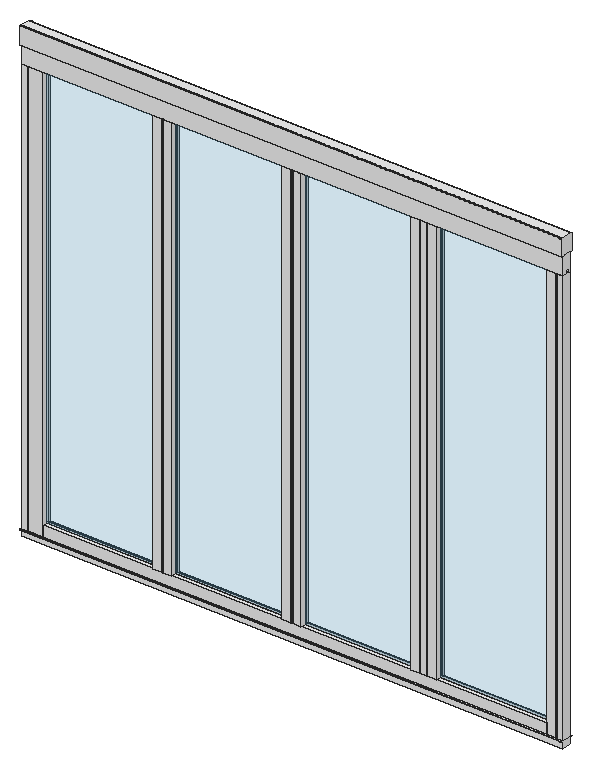
Revit family "98126", category Windows, host Wall, Revit 2018
Family settings
  Host = Wall
  OmniClass Number = 23.30.20.00
  OmniClass Title = Windows
  Always vertical = Yes
  Cut with Voids When Loaded = No
  Shared = No
  Room Calculation Point = No
Parameters (values of type "Standard")
  Y N Override Stack [instance] = no
  Y N Override Number of Panels [instance] = no
  Warranty URL = "http://www.nanawall.com/support/warranty"
  URL = "http://www.nanawall.com/"
  U Value = 0.26
  Thickness = 0' - 2 21/64"
  Subcategory = "Folding Window"  # constant formula
  Stack Thickness [instance] = 0' 2 21/64" * Panels  # 0' - 9 5/16"
  Split Stack Right [instance] = 4
  Split Stack [instance] = no
  Size Comment [instance] = if(or(Y N Override Stack, Y N Override Number of Panels), "CONTACT NANAWALL FOR SPECIAL SIZING", " ")  # " "
  Size Chart [instance] = "http://www.nanawall.com/products/hsw60/sizes"
  Single Right Stack [instance] = if(and(Y N Override Stack, Left Stack), 1 = 0, if(Right Standard = 1, 1 = 1, if(and(C Split Stack, Split Stack Right = 1), 1 = 1, 1 = 0)))  # no
  Single Panel [instance] = if(and(Closed, system length 1 < 11' 0 7/8"), 1 = 1, if(system length 1 > 11' 0 7/8", 1 = 0, 1 = 0))  # no
  Single Left Stack [instance] = if(and(not(Y N Override Stack), (Left Standard = 1)), 1 = 1, if(and(Y N Override Stack, Left Stack, (Panels = 1)), 1 = 1, (if(and(C Split Stack, Split Stack Right = Panels - 1), 1 = 1, 1 = 0))))  # no
  Sills Available = "Raised, Low Profile Saddle, Flush"  # constant formula
  Sill Width = system length 1 - (0' 4.31543" + 0' 5.56543")  # 11' - 2.11913"
  Sash = Metal - NanaWall - Aluminum
  Rough Width = system length 1 - (2 * (0' 1 141/256"))  # 11' - 8 115/128"
  Rough Height = Height - 0' 2 183/256"  # 9' - 9 73/256"
  Right Standard [instance] = roundup(Panels / 2)  # 2
  Right Stack Width [instance] = RS C * Thickness  # 0' - 4 21/32"
  Right Stack [instance] = yes
  RS C [instance] = if(RS = 1, 2, if(RS = 0, 2, if(C Split Stack, Split Stack Right, RS)))  # 2
  RS [instance] = if(Not Override Stack, Right Standard, if(C Right Stack, Panels, if(C Left Stack, 2, if(C Split Stack, Split Stack Right, 2))))  # 2
  Product Page URL = "http://www.nanawall.com/products/hsw60"
  Performance URL = "http://www.nanawall.com/products/hsw60/testingresult"
  Panels [instance] = if(Y N Override Number of Panels, Override Number of Panels, Panel Constraint)  # 4
  Panel Width [instance] = (system length 1 - (0' 4 127/128" + 0' 3 95/128" + 0' 5 149/256" + (Middle Jamb Panels))) / Panels  # 2' - 6.45215"
  Panel Height = Height - (0' 2 183/256" + 0' 6 161/256")  # 9' - 2 21/32"
  Panel Constraint [instance] = if(system length 1 < 12' 0", 3, if(system length 1 < 16' 0", 4, if(system length 1 < 20' 0", 5, if(system length 1 < 24' 0", 6, if(system length 1 < 28' 0", 7, if(system length 1 < 32' 0", 8, if(system length 1 < 34' 0", 10, if(system length 1 < 38' 0", 11, if(system length 1 < 42' 0", 12, if(system length 1 < 46' 0", 13, if(system length 1 < 50' 0", 14, if(system length 1 < 54' 0", 15, if(system length 1 < 58' 0", 16, if(system length 1 < 62' 0", 17, if(system length 1 < 66' 0", 18, if(system length 1 < 70' 0", 19, if(system length 1 < 70' 0", 20, 21)))))))))))))))))  # 4
  Override Number of Panels [instance] = 4
  Opening Width = system length 1 - (0' 3 95/128" + 0' 4 127/128")  # 11' - 3 17/64"
  Open Right Single [instance] = if(and(Open, Single Right Stack), 1 = 1, 1 = 0)  # no
  Open Right Multi [instance] = if(and(Open, Multiple Right Stack), 1 = 1, 1 = 0)  # no
  Open Panel Width [instance] = Panel Width + 0' 3 135/256"  # 2' - 9.97949"
  Open Left Single [instance] = if(and(Open, Single Left Stack), 1 = 1, 1 = 0)  # no
  Open Left Multi [instance] = if(and(Open, Multiple Left Stack), 1 = 1, 1 = 0)  # no
  Open [instance] = no
  Not Override Stack [instance] = not(Y N Override Stack)  # yes
  Multiple Right Stack [instance] = if(system length 1 < 3' 3 1/16", 1 = 0, if(and(Right Standard < 1.5, Not Override Stack), 1 = 0, if(and(Right Standard > 1, Not Override Stack), 1 = 1, (if(and(C Split Stack, Split Stack Right > 1), 1 = 1, if(C Right Stack, 1 = 1, 1 = 0))))))  # yes
  Multiple Panel [instance] = if(and(Open, system length 1 > 11' 0 7/8"), 1 = 0, if(and(Closed, system length 1 > 11' 0 7/8"), 1 = 1, if(system length 1 < 11' 0 7/8", 1 = 0, 1 = 1)))  # yes
  Multiple Left Stack [instance] = if(and(Left Standard > 1, Not Override Stack), 1 = 1, (if(and(C Split Stack, Split Stack Right < Panels - 1), 1 = 1, if(C Left Stack, 1 = 1, 1 = 0))))  # yes
  Max Panel Height = if(Panel Height > 12' 0", 12' 0", Panel Height)  # 9' - 2 21/32"
  Left Standard [instance] = rounddown(Panels / 2)  # 2
  Left Stack Width [instance] = LS C * Thickness  # 0' - 4 21/32"
  Left Stack [instance] = no
  LS C [instance] = if(LS = 1, 2, if(LS = 0, 2, if(C Split Stack, Panels - Split Stack Right, LS)))  # 2
  LS [instance] = if(Not Override Stack, Left Standard, if(C Left Stack, Panels, if(C Right Stack, 2, if(C Split Stack, Panels - Split Stack Right, 2))))  # 2
  Jamb Height = Height Constraint - 0' 9 17/64"  # 9' - 2 47/64"
  Height Constraint = if(Height < 3' 3", 3' 3", if(Height > 12' 0", 12' 0", Height))  # 10' - 0"
  Half Panel Width [instance] = Panel Width / 2  # 1' - 3.22607"
  Filler = Rubber - NanaWall - Black
  Closed [instance] = not(Open)  # yes
  Clearance On [instance] = yes
  C Split Stack [instance] = if(and(Y N Override Stack, Split Stack), 1 = 1, if(Right Stack, 1 = 0, if(Left Stack, 1 = 0, 1 = 0)))  # no
  C Right Stack [instance] = if(and(Y N Override Stack, Right Stack), 1 = 1, if(Left Stack, 1 = 0, if(Split Stack, 1 = 0, 1 = 1)))  # yes
  C Left Stack [instance] = if(and(Y N Override Stack, Left Stack), 1 = 1, if(Right Stack, 1 = 0, if(Split Stack, 1 = 0, 1 = 0)))  # no
  Actual Number Of panels [instance] = Panels - 2  # 2
  Middle Panel Height [instance] = Height Constraint - (0' 2 183/256" + 0' 6 161/256" + 0' 2 91/128")  # 8' - 11 121/128"
  Middle Jamb Panels [instance] = 0' 3 15/16" * Number Of Frames  # 0' - 7 7/8"
  NanaWall Configurator = "http://www.nanawall.com/products/hsw60/options"
  Model = "HSW-60"  # constant formula
  Manufacturer Toll Free Phone = "(888) 411-NANA(6262)"  # constant formula
  Manufacturer Phone = "(415) 383-3148"  # constant formula
  Manufacturer Fax = "(415) 383-0312"  # constant formula
  Manufacturer Email = "mailto:info@nanawall.com"
  Manufacturer Address = "100 Meadowcreek Drive #250, Corte Madera, CA 94925"  # constant formula
  Manufacturer = "NanaWall Systems, Inc."  # constant formula
  Installation and Service URL = "http://www.nanawall.com/support/installer"
  Height = 10' - 0"
  Wall Closure = By host
  system length 1 = 12' - 0"
  Glazing Options = "http://www.nanawall.com/products/hsw60/glazing"
  Glass Material = Glass - NanaWall - Generic
  Exterior Wall Offset = 0' - 3"
  Engineering Details URL = "http://www.nanawall.com/products/hsw60/cad-3d"
  Disclaimer = "Please note that the Revit model is for schematic purposes only.  To obtain a detailed 3D model, please go to the NanaWall's configurator at www.nanawall.com."  # constant formula
  Description = "Thermally Broken Aluminum Framed Sign Track Sliding System"  # constant formula
  Cost Info = "http://www.nanawall.com/products/hsw60/pricing"
  Assembly Code = "B2050.1070"
  Act Panels Constraints [instance] = if(Actual Number Of panels = 1, 2, if(Actual Number Of panels = 0, 2, Actual Number Of panels))  # 2
  95 CSI = "8411"  # constant formula
  04 CSI = "08 41 13"  # constant formula
  Number Of Frames [instance] = Panels - 2  # 2
Values of the unnamed type that differ from the named types
  Wall Closure = (empty or 0)
Reference planes (in)
  plane 1 "Center (Front/Back)": y = 0
  plane 2 "Center (Left/Right)": x = 0
  plane 3 "Left": x = -72
  plane 4 "Right": x = 72
  plane 5 "Top": z = 120
  plane 6: z = 117.28568
  plane 7 "Top Edge Of Sill": z = 0.46717
  plane 8: z = 60
  plane 9: x = 67.34375
  plane 10: x = 35.01383
  plane 11: y = 0.9375
  plane 12: y = 1.76864
  plane 13: x = 68.25714
  plane 14: x = 32.22266
  plane 15: y = -0.22688
  plane 16: x = 37.80499
  plane 17: x = -67.00668
  plane 18: x = -36.55453
  plane 19: x = 1.77051
  plane 20: x = -32.61878
  plane 21: z = 108.73488
  plane 22: z = 113.07333
  plane 23: z = 109.32669
  plane 24: z = 0.07786
  plane 25: z = 2.78746
  plane 26: z = 110.73411
  plane 27: x = -68.76925
  plane 28: x = -67.34375
  plane 29: z = 115.599
Lines and regions (in)
  Opening 1
    outline origin (-90, -3.9375, 0) x (1, 0, 0) y (0, 0, 1)
      loop
        line (18, 0) -> (162, 0) -> (162, 120) -> (18, 120) -> (18, 0)
  symbolic lines
    curve 1: line (-34.79052, 0, 110.73277) -> (-66.41889, 0, 55.40599)
    curve 2: line (-66.41889, 0, 55.40599) -> (-34.79052, 0, 2.78746)
    curve 6: line (-72, 2.59207, 0) -> (72, 2.59207, 0)
    curve 7: line (-72, -0.22688, 0) -> (72, -0.22688, 0)
    curve 8: line (-67.00668, 2.59207, 0) -> (-67.00668, -0.22688, 0)
    curve 9: line (67.34375, -0.21664, 0) -> (67.34375, 2.59207, 0)
  symbolic lines, visible <- "Clearance On"
    curve 3: line (-72, -34.20637, 0) -> (-72, -0.22688, 0)
    curve 4: line (72, -34.20637, 0) -> (-72, -34.20637, 0)
    curve 5: line (72, -0.22688, 0) -> (72, -34.20637, 0)
Text (in)
  text "Exterior" at (-76.63388, 64.7326, 0), in view "Ref. Level"
  text "Interior" at (-74.96733, -69.38291, 0), in view "Ref. Level"
  text "Exterior" at (0, 40.15149, 123.01588), in view "Right"
  text "Interior" at (0, -64.39139, 123.01588), in view "Right"
  text "Interior" at (0, -31.01599, 123.00693), in view "Left"
  text "Exterior" at (0, 54.57065, 123.00693), in view "Left"
Dimensions and locks (in)
  "Height Constraint": level to plane 5 "Top"
  "system length 1": plane 3 "Left" to plane 4 "Right"
  equal spacing: plane 3 "Left", plane 2 "Center (Left/Right)", plane 4 "Right"
  locked: level to plane 7 "Top Edge Of Sill" at 0.46717
  locked: plane 6 to plane 5 "Top" at 2.71432
  equal spacing: level, plane 8, plane 5 "Top"
  "Right Stack Width": plane 9 to plane 4 "Right"
  "Exterior Wall Offset": host wall to plane 11
  locked: plane 12 to plane 11 at 0.83114
  locked: plane 14 to plane 10 at 2.79117
  locked: plane 11 to plane 15 at 1.16437
  locked: plane 10 to plane 16 at 2.79117
  locked: plane 3 "Left" to plane 17 at 4.99332
  locked: plane 13 to plane 4 "Right" at 3.74286
  "Panel Width": plane 16 to plane 13
  "Panel Width": plane 17 to plane 18
  "Panel Width": plane 19 to plane 14
  group 2 to group 1 = 2' - 10.38929"
  group 1 to group 2 = 0' - 0"  (x2)
  locked: plane 18 to plane 20 at 3.93574
  locked: level to plane 24 at 0.07786
  locked: level to plane 25 at 2.78746
  group 4 to group 3 = 0' - 2 21/64"
  group 3 to group 4 = 0' - 0"  (x2)
  locked: plane 26 to plane 5 "Top" at 9.26589
  locked: plane 3 "Left" to plane 27 at 3.23075
  group 6 to group 5 = 0' - 2.3275"
  group 5 to group 6 = 0' - 0"  (x2)
  "Left Stack Width": plane 3 "Left" to plane 28
  group 7 to group 8 = 0' - 2 21/64"
  group 7 to group 8 = 0' - 0"  (x2)
  group 9 to group 10 = 0' - 2.3275"
  group 9 to group 10 = 0' - 0"
  group 10 to group 9 = 0' - 0"
  "Open Panel Width": plane 15 to curve 4
  curve 6 to plane 11 to curve 7 = 0' - 1.65457" locked, 0' - 1.16437"
  locked: plane 29 to plane 5 "Top" at 4.401
  plane 20 to plane 2 "Center (Left/Right)" = 2' - 8.61878"
  nested 3 to nested 10 = 0' - 9.26723"
  aligned and locked: plane 3 "Left" to Opening 1 sketch curve
  aligned and locked: plane 5 "Top" to Opening 1 sketch curve  (x2)
  aligned and locked: Opening 1 sketch curve to plane 4 "Right"
  aligned and locked: Opening 1 sketch curve to level
  aligned and locked: nested 1 to nested 3
  aligned and locked: plane 5 "Top" to nested 3
  aligned and locked: plane 3 "Left" to nested 4
  aligned and locked: nested 5 to plane 4 "Right"
  aligned and locked: nested 4 to plane 11
  aligned and locked: plane 4 "Right" to nested 2
  aligned and locked: plane 3 "Left" to nested 2
  aligned and locked: nested 1 to plane 11
  aligned and locked: nested 2 to level
  aligned and locked: nested 2 to plane 11
  aligned and locked: plane 12 to nested 6
  aligned and locked: plane 13 to nested 6
  aligned and locked: plane 10 to nested 7
  aligned and locked: nested 7 to plane 11
  aligned and locked: plane 15 to nested 5
  aligned and locked: nested 8 to plane 19
  aligned and locked: nested 8 to plane 11
  aligned and locked: plane 18 to nested 9
  aligned and locked: nested 9 to plane 11
  aligned and locked: nested 10 to plane 17
  aligned and locked: plane 12 to nested 10
  aligned and locked: nested 11 to plane 24
  aligned and locked: nested 11 to plane 11
  aligned and locked: nested 11 to nested 1
  aligned and locked: nested 1 to plane 4 "Right"
  aligned and locked: nested 4 to plane 24
  aligned and locked: plane 24 to nested 1
  aligned and locked: nested 7 to plane 25
  aligned and locked: nested 8 to plane 25
  aligned and locked: nested 9 to plane 25
  aligned and locked: nested 10 to plane 25
  aligned and locked: nested 6 to plane 25
  aligned and locked: nested 12 to nested 5
  aligned and locked: nested 9 to curve 1
  aligned and locked: nested 4 to curve 1
  aligned and locked: curve 2 to nested 9
  aligned and locked: plane 15 to nested 15
  aligned and locked: nested 15 to plane 4 "Right"
  aligned and locked: nested 13 to plane 15
  aligned and locked: nested 13 to plane 4 "Right"
  aligned and locked: nested 18 to plane 15
  aligned and locked: plane 9 to nested 18
  aligned and locked: nested 17 to plane 15
  aligned and locked: nested 17 to plane 4 "Right"
  aligned and locked: plane 15 to nested 14
  aligned and locked: plane 3 "Left" to nested 14
  aligned and locked: nested 19 to plane 28
  aligned and locked: plane 15 to nested 19
  aligned and locked: nested 20 to plane 15
  aligned and locked: nested 20 to plane 3 "Left"
  aligned and locked: nested 21 to plane 28
  aligned and locked: nested 21 to plane 15
  aligned and locked: nested 16 to plane 15
  aligned and locked: nested 16 to plane 3 "Left"
  aligned and locked: curve 3 to plane 3 "Left"
  aligned and locked: plane 4 "Right" to curve 5
  aligned and locked: plane 3 "Left" to curve 7
  aligned and locked: plane 3 "Left" to curve 6
  aligned and locked: plane 4 "Right" to curve 6
  aligned and locked: plane 15 to nested 12
  aligned and locked: plane 3 "Left" to nested 22
  aligned and locked: plane 15 to nested 22
  aligned and locked: plane 18 to nested 23
  aligned and locked: nested 23 to plane 11
  aligned and locked: plane 26 to nested 21
  aligned and locked: plane 26 to nested 20
  aligned and locked: plane 26 to nested 16
  aligned and locked: plane 26 to nested 17
  aligned and locked: plane 26 to nested 13
  aligned and locked: plane 26 to nested 18
Automatic sketch dimensions
  curve 2 to plane 25 = 0' - 0"
  curve 2 to plane 8 = 0' - 4.59401"
  curve 1 to plane 26 = 0' - 0.00134"
  curve 8 to plane 17 = 0' - 0"
  curve 9 to plane 9 = 0' - 0"
  plane 15 to curve 9 = 0' - 0.01023"
Nested families (in)
  nested 1: "Right-Jamb_HSW-60" at (79.30207, 0.9375, 0.07786), Closed <- "Closed", type "Right-Jamb_HSW-60"
  nested 2: "Sill_HSW60" at (7.30207, 0.9375, 0), type ""
  nested 3: "Header_HSW60" at (7.30207, 0.9375, 0), type ""
  nested 4: "Left-Jamb_HSW60" at (-64.69793, 0.9375, 0.07786), type ""
  nested 5: "DetailItem_Panel" at (70.79066, -15.55645, 0), visible <- "Multiple Right Stack", type "DetailItem_Panel"
  nested 6: "Sash_Open-Door_HSW-60_NanaWall" at (53.01872, 8.99935, 2.78746), visible <- "Closed", type "Sash_Open-Door_HSW-60_NanaWall"
  nested 7: "Middle-Jamb_11.6" at (42.3159, 0.9375, 2.78746), Closed <- "Closed", visible <- "Closed", type "Middle-Jamb_11.6"
  nested 8: "Middle-Jamb_11" at (7.10471, 0.9375, 2.78746), visible <- "Multiple Panel", type "Middle-Jamb_11"
  nested 9: "Middle-Jamb_11" at (-27.28459, 0.9375, 2.78746), visible <- "Multiple Panel", type "Middle-Jamb_11"
  nested 10: "Sash_Open-Door_HSW-60_NanaWall" at (-51.79295, 8.99935, 2.78746), visible <- "Closed", type "Sash_Open-Door_HSW-60_NanaWall"
  nested 11: "Sill_1" at (7.91138, 0.9375, 0), type ""
  nested 12: "DetailItem_Panel" at (68.46254, -15.55645, 0), visible <- "Multiple Right Stack", type "DetailItem_Panel"
  nested 13: "Panel" at (70.83563, -7.52894, 1.0388) x (0, -1, 0) z (0, 0, 1), visible <- "Open Right Multi", type "Panel"
  nested 14: "DetailItem_Panel" at (-70.88121, -15.55645, 0), visible <- "Multiple Left Stack", type "DetailItem_Panel"
  nested 15: "DetailItem_Panel" at (70.79066, -15.55645, 0), visible <- "Single Right Stack", type "DetailItem_Panel"
  nested 16: "Panel" at (-70.83562, -7.52894, 1.0388) x (0, -1, 0) z (0, 0, 1), visible <- "Open Left Single", type "Panel"
  nested 17: "Panel" at (70.83563, -7.52894, 1.0388) x (0, -1, 0) z (0, 0, 1), visible <- "Open Right Single", type "Panel"
  nested 18: "Panel" at (68.50813, -7.52894, 1.0388) x (0, -1, 0) z (0, 0, 1), visible <- "Open Right Multi", type "Panel"
  nested 19: "DetailItem_Panel" at (-68.55309, -15.55645, 0), visible <- "Multiple Left Stack", type "DetailItem_Panel"
  nested 20: "Panel" at (-70.83562, -7.52894, 1.0388) x (0, -1, 0) z (0, 0, 1), visible <- "Open Left Multi", type "Panel"
  nested 21: "Panel" at (-68.50812, -7.52894, 1.0388) x (0, -1, 0) z (0, 0, 1), visible <- "Open Left Multi", type "Panel"
  nested 22: "DetailItem_Panel" at (-70.88121, -15.55645, 0), visible <- "Single Left Stack", type "DetailItem_Panel"
  nested 23: "Middle-Jamb_11" at (-27.28459, 0.9375, 2.78746), visible <- "Single Panel", type "Middle-Jamb_11"
Definition of nested family "Right-Jamb_HSW-60"
  Parameters
    built-in parameter 1001301 = 1' - 0"
    Sash = none
    Rubber = none
    Right Jamb = none
    Closed [instance] = yes
    Height = 9' - 7 153/256"
    Half = yes
    Assembly Code = ""
  Reference planes (in)
    plane 1 "Center (Front/Back)": y = 0
    plane 2: z = 0
    plane 3 "Center (Left/Right)": x = -7.30207
    plane 4 "Top": z = 115.59766
    plane 5: x = -9.46126
  Forms (in)
    Sweep 1, solid, material <- "Right Jamb"
      path origin (-7.30207, 0, 0) x (0, 1, 0) y (0, 0, -1)
        loop
          line (0, -115.59766) -> (0, 0)
      profile origin (-7.30207, 0, 57.79883) x (-1, 0, 0) y (0, -1, 0)
        loop
          line (0, -1.16437) -> (1.57112, -1.16437) -> (1.57112, -0.76278) -> (2.15919, -0.76278) -> (2.15919, 0.76278) -> (1.57112, 0.76278) -> (1.57112, 1.16438) -> (0, 1.16438) -> (0, -1.16437)
    Sweep 2, solid, material <- "Rubber"
      path origin (-7.30207, 0, 0) x (0, 1, 0) y (0, 0, -1)
        loop
          line (0, -115.59766) -> (0, 0)
      profile origin (-7.30207, 0, 57.79883) x (-1, 0, 0) y (0, -1, 0)
        loop
          line (1.97885, -1.16437) -> (1.97885, -0.76278) -> (1.57112, -0.76278) -> (1.57112, -1.16437) -> (1.97885, -1.16437)
        loop
          line (1.97885, 1.16438) -> (1.57112, 1.16438) -> (1.57112, 0.76278) -> (1.97885, 0.76278) -> (1.97885, 1.16438)
    Sweep 3, solid, material <- "Sash", visible <- "Closed"
      path origin (-9.46126, 0, 0) x (0, 1, 0) y (0, 0, -1)
        loop
          line (0, -115.59766) -> (0, 0)
      profile origin (-9.46126, 0, 57.79883) x (-1, 0, 0) y (0, -1, 0)
        loop
          line (0, -0.76278) -> (-0.18034, -0.76278) -> (-0.18034, -1.16437) -> (2.17193, -1.16437) -> (2.17193, -0.83114) -> (1.58367, -0.83114) -> (1.58367, 0.10977) -> (2.17193, 0.10977) -> (2.17193, 1.16438) -> (-0.18034, 1.16438) -> (-0.18034, 0.76278) -> (0, 0.76278) -> (0, -0.76278)
  Lines and regions (in)
    Masking region 1, detail levels medium
      outline origin (0, 0, 0) x (1, 0, 0) y (0, 1, 0)
        loop
          line (-7.30207, 1.16437) -> (-8.87319, 1.16437) -> (-8.87319, 0.76278) -> (-9.46126, 0.76278) -> (-9.46126, -0.76278) -> (-8.87319, -0.76278) -> (-8.87319, -1.16438) -> (-7.30207, -1.16438) -> (-7.30207, 1.16437)
    Masking region 2, detail levels medium
      outline origin (-2.15919, 0, 0) x (1, 0, 0) y (0, 1, 0)
        loop
          line (-6.714, 1.16437) -> (-7.12173, 1.16437) -> (-7.12173, 0.76278) -> (-6.714, 0.76278) -> (-6.714, 1.16437)
        loop
          line (-6.714, -0.76278) -> (-7.12173, -0.76278) -> (-7.12173, -1.16438) -> (-6.714, -1.16438) -> (-6.714, -0.76278)
    Masking region 3, detail levels medium
      outline origin (-2.15919, 0, 0) x (1, 0, 0) y (0, 1, 0)
        loop
          line (-7.12173, 1.16437) -> (-9.474, 1.16437) -> (-9.474, 0.83114) -> (-8.88574, 0.83114) -> (-8.88574, -0.10977) -> (-9.474, -0.10977) -> (-9.474, -1.16438) -> (-7.12173, -1.16438) -> (-7.12173, -0.76278) -> (-7.30207, -0.76278) -> (-7.30207, 0.76278) -> (-7.12173, 0.76278) -> (-7.12173, 1.16437)
    Masking region 4, detail levels coarse+fine
      outline origin (0, 0, 0) x (1, 0, 0) y (0, 1, 0)
        loop
          line (-7.30207, 1.16437) -> (-11.63319, 1.16437) -> (-11.63319, 0.83114) -> (-11.04493, 0.83114) -> (-11.04493, -0.10977) -> (-11.63319, -0.10977) -> (-11.63319, -1.16438) -> (-7.30207, -1.16438) -> (-7.30207, 1.16437)
  Dimensions and locks (in)
    "Height": plane 4 "Top" to level
    plane 4 "Top" to level = 9' - 7 153/256"
    aligned and locked: plane 1 "Center (Front/Back)" to nested 1
    aligned and locked: plane 3 "Center (Left/Right)" to nested 1
    aligned and locked: plane 3 "Center (Left/Right)" to Sweep 1 sketch curve
    aligned and locked: Masking region 1 sketch curve to plane 3 "Center (Left/Right)"
    aligned and locked: Masking region 4 sketch curve to Sweep 1  (x3)
    aligned and locked: Masking region 4 sketch curve to Sweep 3  (x5)
  Automatic sketch dimensions
    Sweep 1 sketch curve to level = 0' - 0"
    Sweep 1 sketch curve to plane 1 "Center (Front/Back)" = 0' - 0"
    Sweep 1 sketch curve to plane 4 "Top" = 0' - 0"
    Sweep 1 sketch curve to profile plane = 0' - 0.76278"
    profile plane to Sweep 1 sketch curve = 0' - 1.57112"  (x2)
    Sweep 1 sketch curve to Sweep 1 sketch curve = 0' - 0.58807"
    profile plane to Sweep 1 sketch curve = 0' - 0.76278"
    profile plane to Sweep 1 sketch curve = 0' - 1.16437"
    Sweep 1 sketch curve to Sweep 1 sketch curve = 0' - 0.4016"
    Masking region 1 sketch curve to plane 5 = 0' - 0"
    Masking region 1 sketch curve to plane 5 = 0' - 0.58807"
    Masking region 1 sketch curve to Masking region 1 sketch curve = 0' - 0.58807"
    plane 1 "Center (Front/Back)" to Masking region 1 sketch curve = 0' - 1.16438"
    Masking region 1 sketch curve to Masking region 1 sketch curve = 0' - 0.4016"
    Masking region 1 sketch curve to plane 1 "Center (Front/Back)" = 0' - 0.76278"
    Masking region 1 sketch curve to plane 1 "Center (Front/Back)" = 0' - 1.16438"
    Sweep 2 sketch curve to level = 0' - 0"
    Sweep 2 sketch curve to plane 1 "Center (Front/Back)" = 0' - 0"
    Sweep 2 sketch curve to plane 4 "Top" = 0' - 0"
    profile plane to Sweep 2 sketch curve = 0' - 0.76278"
    profile plane to Sweep 2 sketch curve = 0' - 1.57112"
    Sweep 2 sketch curve to Sweep 2 sketch curve = 0' - 0"
    Sweep 2 sketch curve to Sweep 2 sketch curve = 0' - 0.40773"  (x2)
    Sweep 2 sketch curve to Sweep 2 sketch curve = 0' - 0.4016"  (x2)
    Sweep 2 sketch curve to profile plane = 0' - 0.76278"
    Masking region 2 sketch curve to plane 5 = 0' - 0.18034"  (x2)
    Masking region 2 sketch curve to Masking region 2 sketch curve = 0' - 0.40773"  (x2)
    plane 1 "Center (Front/Back)" to Masking region 2 sketch curve = 0' - 1.16438"
    Masking region 2 sketch curve to Masking region 2 sketch curve = 0' - 0.4016"  (x2)
    Masking region 2 sketch curve to plane 1 "Center (Front/Back)" = 0' - 0.76278"
    Sweep 3 sketch curve to level = 0' - 0"
    Sweep 3 sketch curve to plane 1 "Center (Front/Back)" = 0' - 0"
    Sweep 3 sketch curve to plane 4 "Top" = 0' - 0"
    Sweep 3 sketch curve to profile plane = 0' - 0"
    Sweep 3 sketch curve to Sweep 3 sketch curve = 0' - 0.18034"  (x2)
    Sweep 3 sketch curve to profile plane = 0' - 0.10977"
    profile plane to Sweep 3 sketch curve = 0' - 1.58367"
    Sweep 3 sketch curve to Sweep 3 sketch curve = 0' - 0.58826"  (x2)
    profile plane to Sweep 3 sketch curve = 0' - 0.76278"
    profile plane to Sweep 3 sketch curve = 0' - 0.83114"
    Sweep 3 sketch curve to Sweep 3 sketch curve = 0' - 0.4016"  (x2)
    Sweep 3 sketch curve to profile plane = 0' - 0.76278"
    Masking region 3 sketch curve to plane 5 = 0' - 0"
    plane 5 to Masking region 3 sketch curve = 0' - 2.17193"
    Masking region 3 sketch curve to Masking region 3 sketch curve = 0' - 0.18034"  (x2)
    plane 1 "Center (Front/Back)" to Masking region 3 sketch curve = 0' - 1.16438"
    Masking region 3 sketch curve to Masking region 3 sketch curve = 0' - 0.4016"  (x2)
    Masking region 3 sketch curve to plane 1 "Center (Front/Back)" = 0' - 0.76278"
    Masking region 3 sketch curve to Masking region 3 sketch curve = 0' - 0.58826"  (x2)
    plane 1 "Center (Front/Back)" to Masking region 3 sketch curve = 0' - 0.10977"
    Masking region 3 sketch curve to Masking region 3 sketch curve = 0' - 0.33324"
  Nested families (in)
    nested 1: "Profile_RightJamb_HSW60" at (-7.30207, 0, 0), type "Profile_RightJamb_HSW60"
  Definition of nested family "Profile_RightJamb_HSW60"
    Parameters
      SmartBIM Object Version = 1  # constant formula
      SmartBIM Object Created By = "Reed Construction Data"  # constant formula
      Half Piece = yes
      Closed [instance] = yes
      Assembly Code = ""
      95 CSI = ""
      04 CSI = ""
    Reference planes (in)
      plane 1 "Center (Front/Back)": y = 0
      plane 2: z = 0
      plane 3 "Center (Left/Right)": x = 0
    Lines and regions (in)
      model lines, in view "Ref. Level", visible <- "Closed"
        curve 1: arc (-3.4326, -1.78845, 0) -> (-3.42905, -1.79486, 0) -> (-3.42239, -1.79793, 0) r 0.01176
        curve 9: arc (-1.43379, -1.39181, 0) -> (-1.36632, -1.39765, 0) -> (-1.29862, -1.3996, 0) r 1.17614
        curve 10: arc (-2.33561, -1.2539, 0) -> (-2.31574, -1.30606, 0) -> (-2.26621, -1.33179, 0) r 0.07841
        curve 11: arc (-3.47254, -1.43881, 0) -> (-3.45912, -1.61438, 0) -> (-3.4326, -1.78845, 0) r 2.35227
        curve 22: arc (-3.4282, -1.80121, 0) -> (-3.37862, -1.87588, 0) -> (-3.29624, -1.9112, 0) r 0.15682
        curve 23: line (-3.29624, -1.9112, 0) -> (-1.4888, -2.08401, 0)
        curve 27: line (-1.43379, -1.39181, 0) -> (-2.26621, -1.33179, 0)
        curve 28: line (-2.33561, -1.2539, 0) -> (-2.33561, -1.16437, 0)
        curve 29: line (-2.33561, -1.16437, 0) -> (-3.47254, -1.16437, 0)
        curve 30: line (-3.47254, -1.16437, 0) -> (-3.47254, -1.43881, 0)
        curve 31: line (-2.90408, -1.79311, 0) -> (-2.90408, -0.96835, 0)
        curve 38: line (-3.4282, -1.80121, 0) -> (-3.34252, -1.81113, 0)
        curve 39: line (-3.34252, -1.81113, 0) -> (-3.29588, -1.65466, 0)
        curve 40: line (-3.2959, -1.65471, 0) -> (-1.48181, -1.82873, 0)
        curve 41: line (-1.48181, -1.82873, 0) -> (-3.29823, -1.65443, 0)
        curve 42: line (-3.29823, -1.65443, 0) -> (-3.34372, -1.80703, 0)
        curve 43: line (-3.34372, -1.80703, 0) -> (-3.42239, -1.79793, 0)
        curve 44: line (-3.34252, -1.81113, 0) -> (-1.48451, -1.98992, 0)
        curve 48: line (-3.37061, -1.16438, 0) -> (-2.27288, -1.16438, 0)
        curve 49: arc (-2.48851, 0.26311, 0) -> (-2.49113, 0.27292, 0) -> (-2.49831, 0.28009, 0) r 0.0196
        curve 50: arc (-2.56202, 0.46261, 0) -> (-2.56431, 0.46816, 0) -> (-2.56986, 0.47045, 0) r 0.00784
        curve 51: arc (-2.7208, 0.47045, 0) -> (-2.72634, 0.46816, 0) -> (-2.72864, 0.46261, 0) r 0.00784
        curve 52: arc (-2.68453, 0.32593, 0) -> (-2.67928, 0.30632, 0) -> (-2.66493, 0.29197, 0) r 0.0392
        curve 53: arc (-2.66493, -0.29197, 0) -> (-2.67928, -0.30632, 0) -> (-2.68453, -0.32593, 0) r 0.0392
        curve 54: arc (-2.72864, -0.46261, 0) -> (-2.72634, -0.46816, 0) -> (-2.7208, -0.47045, 0) r 0.00784
        curve 55: arc (-2.56986, -0.47045, 0) -> (-2.56431, -0.46816, 0) -> (-2.56202, -0.46261, 0) r 0.00784
        curve 56: arc (-2.49831, -0.28009, 0) -> (-2.49113, -0.27292, 0) -> (-2.48851, -0.26311, 0) r 0.0196
        curve 57: arc (-2.59632, -0.33838, 0) -> (-2.6035, -0.34555, 0) -> (-2.60612, -0.35535, 0) r 0.0196
        curve 58: arc (-2.60612, 0.35535, 0) -> (-2.6035, 0.34555, 0) -> (-2.59632, 0.33838, 0) r 0.0196
        curve 59: arc (-2.56006, 0.20879, 0) -> (-2.56531, 0.22839, 0) -> (-2.57966, 0.24274, 0) r 0.0392
        curve 60: arc (-2.57966, -0.24274, 0) -> (-2.56531, -0.22839, 0) -> (-2.56006, -0.20879, 0) r 0.0392
        curve 61: arc (-2.08862, -1.08009, 0) -> (-2.10248, -1.08583, 0) -> (-2.10822, -1.09969, 0) r 0.0196
        curve 62: arc (-1.97885, -1.08597, 0) -> (-1.98459, -1.07211, 0) -> (-1.99845, -1.06636, 0) r 0.0196
        curve 63: arc (-2.10822, -0.85662, 0) -> (-2.10248, -0.87048, 0) -> (-2.08862, -0.87622, 0) r 0.0196
        curve 65: arc (-3.52743, -1.09773, 0) -> (-3.54129, -1.10347, 0) -> (-3.54703, -1.11733, 0) r 0.0196
        curve 66: arc (-2.48851, -0.34934, 0) -> (-2.49618, -0.33378, 0) -> (-2.51318, -0.3304, 0) r 0.0196
        curve 67: arc (-2.48851, -0.65651, 0) -> (-2.45459, -0.73841, 0) -> (-2.37269, -0.77233, 0) r 0.11582
        curve 68: arc (-1.97885, -0.83114, 0) -> (-1.98764, -0.8064, 0) -> (-2.01007, -0.79275, 0) r 0.0392
        curve 69: arc (-3.4255, -1.09773, 0) -> (-3.32506, -1.07004, 0) -> (-3.253, -0.99481, 0) r 0.19602
        curve 70: arc (-3.253, -0.93307, 0) -> (-3.26448, -0.90535, 0) -> (-3.2922, -0.89386, 0) r 0.0392
        curve 71: arc (-3.36599, -0.94348, 0) -> (-3.3478, -0.94142, 0) -> (-3.33925, -0.92523, 0) r 0.0196
        curve 72: arc (-3.54703, -0.82722, 0) -> (-3.53542, -0.8648, 0) -> (-3.50464, -0.88929, 0) r 0.06665
        curve 73: arc (-3.52236, -0.3304, 0) -> (-3.53936, -0.33378, 0) -> (-3.54703, -0.34934, 0) r 0.0196
        curve 74: arc (-3.25251, -0.37244, 0) -> (-3.26686, -0.35809, 0) -> (-3.28646, -0.35284, 0) r 0.0392
        curve 75: arc (-2.74908, -0.35284, 0) -> (-2.76868, -0.35809, 0) -> (-2.78303, -0.37244, 0) r 0.0392
        curve 76: arc (-2.55695, -0.65651, 0) -> (-2.51175, -0.77739, 0) -> (-2.39834, -0.83898, 0) r 0.18426
        curve 77: arc (-3.18635, -0.93307, 0) -> (-3.21735, -0.85822, 0) -> (-3.2922, -0.82722, 0) r 0.10585
        curve 78: arc (-2.39834, 0.83692, 0) -> (-2.51055, 0.77491, 0) -> (-2.55516, 0.65472, 0) r 0.18426
        curve 79: arc (-2.78303, 0.37244, 0) -> (-2.76868, 0.35809, 0) -> (-2.74908, 0.35284, 0) r 0.0392
        curve 80: arc (-2.51318, 0.3304, 0) -> (-2.49618, 0.33378, 0) -> (-2.48851, 0.34934, 0) r 0.0196
        curve 81: arc (-2.37089, 0.77233, 0) -> (-2.45406, 0.73788, 0) -> (-2.48851, 0.65472, 0) r 0.11761
        curve 82: arc (-2.01007, 0.79275, 0) -> (-1.98764, 0.8064, 0) -> (-1.97885, 0.83114, 0) r 0.0392
        curve 83: arc (-3.54703, 0.34934, 0) -> (-3.53936, 0.33378, 0) -> (-3.52236, 0.3304, 0) r 0.0196
        curve 84: arc (-3.28646, 0.35284, 0) -> (-3.26686, 0.35809, 0) -> (-3.25251, 0.37244, 0) r 0.0392
        curve 85: arc (-1.97885, 0.87034, 0) -> (-1.98459, 0.8842, 0) -> (-1.99845, 0.88994, 0) r 0.0196
        curve 87: arc (-2.10822, 1.09969, 0) -> (-2.10248, 1.08583, 0) -> (-2.08862, 1.08009, 0) r 0.0196
        curve 88: arc (-2.08862, 0.87622, 0) -> (-2.10248, 0.87048, 0) -> (-2.10822, 0.85662, 0) r 0.0196
        curve 89: arc (-3.93908, 0.99972, 0) -> (-3.93563, 0.9914, 0) -> (-3.92732, 0.98795, 0) r 0.01176
        curve 90: arc (-4.22919, 0.98795, 0) -> (-4.22087, 0.9914, 0) -> (-4.21743, 0.99972, 0) r 0.01176
        curve 91: arc (-3.53809, 0.86841, 0) -> (-3.54476, 0.85232, 0) -> (-3.54703, 0.83506, 0) r 0.06665
        curve 92: arc (-3.88419, 0.98795, 0) -> (-3.85647, 0.99944, 0) -> (-3.84499, 1.02716, 0) r 0.0392
        curve 93: arc (-3.42942, -0.35535, 0) -> (-3.43204, -0.34555, 0) -> (-3.43922, -0.33838, 0) r 0.0196
        curve 94: arc (-3.43922, 0.33838, 0) -> (-3.43204, 0.34555, 0) -> (-3.42942, 0.35535, 0) r 0.0196
        curve 95: arc (-3.45588, 0.24274, 0) -> (-3.47023, 0.22839, 0) -> (-3.47548, 0.20879, 0) r 0.0392
        curve 96: arc (-3.47548, -0.20879, 0) -> (-3.47023, -0.22839, 0) -> (-3.45588, -0.24274, 0) r 0.0392
        curve 97: arc (-3.46568, 0.47045, 0) -> (-3.47123, 0.46816, 0) -> (-3.47352, 0.46261, 0) r 0.00784
        curve 98: arc (-3.3069, 0.46261, 0) -> (-3.3092, 0.46816, 0) -> (-3.31474, 0.47045, 0) r 0.00784
        curve 99: arc (-3.37061, 0.29197, 0) -> (-3.35626, 0.30632, 0) -> (-3.35101, 0.32593, 0) r 0.0392
        curve 100: arc (-3.35101, -0.32593, 0) -> (-3.35626, -0.30632, 0) -> (-3.37061, -0.29197, 0) r 0.0392
        curve 101: arc (-3.31474, -0.47045, 0) -> (-3.3092, -0.46816, 0) -> (-3.3069, -0.46261, 0) r 0.00784
        curve 102: arc (-3.47352, -0.46261, 0) -> (-3.47123, -0.46816, 0) -> (-3.46568, -0.47045, 0) r 0.00784
        curve 103: arc (-3.53723, 0.28009, 0) -> (-3.54441, 0.27292, 0) -> (-3.54703, 0.26311, 0) r 0.0196
        curve 104: arc (-3.54703, -0.26311, 0) -> (-3.54441, -0.27292, 0) -> (-3.53723, -0.28009, 0) r 0.0196
        curve 157: arc (-2.48851, 0.26311, 0) -> (-2.49113, 0.27292, 0) -> (-2.49831, 0.28009, 0) r 0.0196
        curve 158: arc (-2.56202, 0.46261, 0) -> (-2.56431, 0.46816, 0) -> (-2.56986, 0.47045, 0) r 0.00784
        curve 159: arc (-2.7208, 0.47045, 0) -> (-2.72634, 0.46816, 0) -> (-2.72864, 0.46261, 0) r 0.00784
        curve 160: arc (-2.68453, 0.32593, 0) -> (-2.67928, 0.30632, 0) -> (-2.66493, 0.29197, 0) r 0.0392
        curve 161: arc (-2.66493, -0.29197, 0) -> (-2.67928, -0.30632, 0) -> (-2.68453, -0.32593, 0) r 0.0392
        curve 162: arc (-2.72864, -0.46261, 0) -> (-2.72634, -0.46816, 0) -> (-2.7208, -0.47045, 0) r 0.00784
        curve 163: arc (-2.56986, -0.47045, 0) -> (-2.56431, -0.46816, 0) -> (-2.56202, -0.46261, 0) r 0.00784
        curve 164: arc (-2.49831, -0.28009, 0) -> (-2.49113, -0.27292, 0) -> (-2.48851, -0.26311, 0) r 0.0196
        curve 165: arc (-2.59632, -0.33838, 0) -> (-2.6035, -0.34555, 0) -> (-2.60612, -0.35535, 0) r 0.0196
        curve 166: arc (-2.60612, 0.35535, 0) -> (-2.6035, 0.34555, 0) -> (-2.59632, 0.33838, 0) r 0.0196
        curve 167: arc (-2.56006, 0.20879, 0) -> (-2.56531, 0.22839, 0) -> (-2.57966, 0.24274, 0) r 0.0392
        curve 168: arc (-2.57966, -0.24274, 0) -> (-2.56531, -0.22839, 0) -> (-2.56006, -0.20879, 0) r 0.0392
        curve 169: arc (-3.42942, -0.35535, 0) -> (-3.43204, -0.34555, 0) -> (-3.43922, -0.33838, 0) r 0.0196
        curve 170: arc (-3.43922, 0.33838, 0) -> (-3.43204, 0.34555, 0) -> (-3.42942, 0.35535, 0) r 0.0196
        curve 171: arc (-3.45588, 0.24274, 0) -> (-3.47023, 0.22839, 0) -> (-3.47548, 0.20879, 0) r 0.0392
        curve 172: arc (-3.47548, -0.20879, 0) -> (-3.47023, -0.22839, 0) -> (-3.45588, -0.24274, 0) r 0.0392
        curve 173: arc (-3.46568, 0.47045, 0) -> (-3.47123, 0.46816, 0) -> (-3.47352, 0.46261, 0) r 0.00784
        curve 174: arc (-3.3069, 0.46261, 0) -> (-3.3092, 0.46816, 0) -> (-3.31474, 0.47045, 0) r 0.00784
        curve 175: arc (-3.37061, 0.29197, 0) -> (-3.35626, 0.30632, 0) -> (-3.35101, 0.32593, 0) r 0.0392
        curve 176: arc (-3.35101, -0.32593, 0) -> (-3.35626, -0.30632, 0) -> (-3.37061, -0.29197, 0) r 0.0392
        curve 177: arc (-3.31474, -0.47045, 0) -> (-3.3092, -0.46816, 0) -> (-3.3069, -0.46261, 0) r 0.00784
        curve 178: arc (-3.47352, -0.46261, 0) -> (-3.47123, -0.46816, 0) -> (-3.46568, -0.47045, 0) r 0.00784
        curve 179: arc (-3.53723, 0.28009, 0) -> (-3.54441, 0.27292, 0) -> (-3.54703, 0.26311, 0) r 0.0196
        curve 180: arc (-3.54703, -0.26311, 0) -> (-3.54441, -0.27292, 0) -> (-3.53723, -0.28009, 0) r 0.0196
        curve 181: arc (-4.18198, 0.85774, 0) -> (-4.17373, 0.8935, 0) -> (-4.17215, 0.93015, 0) r 0.20016
        curve 182: arc (-4.32937, 0.9814, 0) -> (-4.36214, 0.93338, 0) -> (-4.38157, 0.87858, 0) r 0.22582
        curve 183: arc (-4.15257, 0.95071, 0) -> (-4.16676, 0.94463, 0) -> (-4.17215, 0.93015, 0) r 0.0196
        curve 184: arc (-4.166, 1.06908, 0) -> (-4.13798, 1.0445, 0) -> (-4.10178, 1.03564, 0) r 0.07841
        curve 185: arc (-3.93908, 0.95071, 0) -> (-3.91711, 0.95871, 0) -> (-3.90771, 0.98011, 0) r 0.02974
        curve 186: arc (-4.06257, 1.03564, 0) -> (-4.02637, 1.0445, 0) -> (-3.99834, 1.06908, 0) r 0.07841
        curve 187: arc (-3.96176, 1.08121, 0) -> (-3.97733, 1.08688, 0) -> (-3.99168, 1.07859, 0) r 0.0196
        curve 188: arc (-4.17267, 1.07859, 0) -> (-4.18701, 1.08688, 0) -> (-4.20258, 1.08121, 0) r 0.0196
        curve 189: arc (-4.31473, 0.98795, 0) -> (-4.32275, 0.98624, 0) -> (-4.32937, 0.9814, 0) r 0.0196
        curve 190: arc (-4.38157, 0.87858, 0) -> (-4.37374, 0.8457, 0) -> (-4.34324, 0.83114, 0) r 0.0392
        curve 191: arc (-4.2191, 0.83114, 0) -> (-4.19626, 0.83847, 0) -> (-4.18198, 0.85774, 0) r 0.0392
        curve 192: arc (-4.21101, -0.12525, 0) -> (-4.2392, -0.11057, 0) -> (-4.25628, -0.13738, 0) r 0.02352
        curve 193: arc (-4.38325, -0.12599, 0) -> (-4.40931, -0.11007, 0) -> (-4.42913, -0.1333, 0) r 0.02352
        curve 194: arc (-3.97044, -0.40008, 0) -> (-3.99648, -0.37268, 0) -> (-4.02518, -0.39728, 0) r 0.02744
        curve 195: arc (-4.03352, -0.12921, 0) -> (-4.05874, -0.10986, 0) -> (-4.08021, -0.1333, 0) r 0.02352
        curve 196: arc (-3.58049, -0.587, 0) -> (-3.55913, -0.59125, 0) -> (-3.54703, -0.57314, 0) r 0.0196
        curve 197: arc (-3.74801, -0.41949, 0) -> (-3.75691, -0.37473, 0) -> (-3.79486, -0.40008, 0) r 0.02744
        curve 198: arc (-3.54703, -0.55354, 0) -> (-3.55002, -0.53854, 0) -> (-3.55851, -0.52582, 0) r 0.0392
        curve 277: arc (-3.943, -0.41949, 0) -> (-3.95131, -0.42293, 0) -> (-3.95476, -0.43125, 0) r 0.01176
        curve 278: arc (-4.23311, -0.43125, 0) -> (-4.23656, -0.42293, 0) -> (-4.24487, -0.41949, 0) r 0.01176
        curve 279: arc (-4.22527, -0.60767, 0) -> (-4.25299, -0.61915, 0) -> (-4.26447, -0.64688, 0) r 0.0392
        curve 280: arc (-3.89987, -0.60767, 0) -> (-3.87215, -0.59619, 0) -> (-3.86067, -0.56847, 0) r 0.0392
        curve 281: arc (-3.54703, -1.09773, 0) -> (-3.55879, -1.12125, 0) -> (-3.54703, -1.14477, 0) r 0.0294
        curve 282: arc (-3.36669, -0.98795, 0) -> (-3.33897, -0.97647, 0) -> (-3.32749, -0.94875, 0) r 0.0392
        curve 283: arc (-3.26476, -0.92719, 0) -> (-3.29612, -0.89582, 0) -> (-3.32749, -0.92719, 0) r 0.03136
        curve 284: arc (-3.34317, -1.04284, 0) -> (-3.28772, -1.01988, 0) -> (-3.26476, -0.96443, 0) r 0.07841
        curve 285: arc (-3.52407, -1.09773, 0) -> (-3.50906, -1.09474, 0) -> (-3.49634, -1.08624, 0) r 0.0392
        curve 286: arc (-4.26447, -1.05852, 0) -> (-4.25299, -1.08624, 0) -> (-4.22527, -1.09773, 0) r 0.0392
        curve 287: arc (-3.36599, -0.94348, 0) -> (-3.3478, -0.94142, 0) -> (-3.33925, -0.92523, 0) r 0.0196
        curve 288: arc (-3.253, -0.93307, 0) -> (-3.26448, -0.90535, 0) -> (-3.2922, -0.89386, 0) r 0.0392
        curve 289: arc (-3.4255, -1.09773, 0) -> (-3.32506, -1.07004, 0) -> (-3.253, -0.99481, 0) r 0.19602
        curve 290: arc (-3.52743, -1.09773, 0) -> (-3.54129, -1.10347, 0) -> (-3.54703, -1.11733, 0) r 0.0196
        curve 291: arc (-1.97885, -1.08597, 0) -> (-1.98459, -1.07211, 0) -> (-1.99845, -1.06636, 0) r 0.0196
        curve 292: arc (-2.08862, -1.08009, 0) -> (-2.10248, -1.08583, 0) -> (-2.10822, -1.09969, 0) r 0.0196
        curve 293: arc (-2.10822, -0.85662, 0) -> (-2.10248, -0.87048, 0) -> (-2.08862, -0.87622, 0) r 0.0196
        curve 294: arc (-1.99845, -0.88994, 0) -> (-1.98459, -0.8842, 0) -> (-1.97885, -0.87034, 0) r 0.0196
        curve 295: arc (-1.97885, -0.83114, 0) -> (-1.98764, -0.8064, 0) -> (-2.01007, -0.79275, 0) r 0.0392
        curve 296: arc (-2.48851, -0.65651, 0) -> (-2.45459, -0.73841, 0) -> (-2.37269, -0.77233, 0) r 0.11582
        curve 297: arc (-2.48851, -0.34934, 0) -> (-2.49618, -0.33378, 0) -> (-2.51318, -0.3304, 0) r 0.0196
        curve 298: arc (-2.56986, -0.47045, 0) -> (-2.56431, -0.46816, 0) -> (-2.56202, -0.46261, 0) r 0.00784
        curve 299: arc (-2.72864, -0.46261, 0) -> (-2.72634, -0.46816, 0) -> (-2.7208, -0.47045, 0) r 0.00784
        curve 300: arc (-2.74908, -0.35284, 0) -> (-2.76868, -0.35809, 0) -> (-2.78303, -0.37244, 0) r 0.0392
        curve 301: arc (-3.25251, -0.37244, 0) -> (-3.26686, -0.35809, 0) -> (-3.28646, -0.35284, 0) r 0.0392
        curve 302: arc (-3.31474, -0.47045, 0) -> (-3.3092, -0.46816, 0) -> (-3.3069, -0.46261, 0) r 0.00784
        curve 303: arc (-3.47352, -0.46261, 0) -> (-3.47123, -0.46816, 0) -> (-3.46568, -0.47045, 0) r 0.00784
        curve 304: arc (-3.52236, -0.3304, 0) -> (-3.53936, -0.33378, 0) -> (-3.54703, -0.34934, 0) r 0.0196
        curve 305: arc (-3.54703, -0.82722, 0) -> (-3.53542, -0.8648, 0) -> (-3.50464, -0.88929, 0) r 0.06665
        curve 306: arc (-3.46568, 0.47045, 0) -> (-3.47123, 0.46816, 0) -> (-3.47352, 0.46261, 0) r 0.00784
        curve 307: arc (-3.3069, 0.46261, 0) -> (-3.3092, 0.46816, 0) -> (-3.31474, 0.47045, 0) r 0.00784
        curve 308: arc (-3.28646, 0.35284, 0) -> (-3.26686, 0.35809, 0) -> (-3.25251, 0.37244, 0) r 0.0392
        curve 309: arc (-2.78303, 0.37244, 0) -> (-2.76868, 0.35809, 0) -> (-2.74908, 0.35284, 0) r 0.0392
        curve 310: arc (-2.7208, 0.47045, 0) -> (-2.72634, 0.46816, 0) -> (-2.72864, 0.46261, 0) r 0.00784
        curve 311: arc (-2.56202, 0.46261, 0) -> (-2.56431, 0.46816, 0) -> (-2.56986, 0.47045, 0) r 0.00784
        curve 312: arc (-2.51318, 0.3304, 0) -> (-2.49618, 0.33378, 0) -> (-2.48851, 0.34934, 0) r 0.0196
        curve 313: arc (-2.37089, 0.77233, 0) -> (-2.45406, 0.73788, 0) -> (-2.48851, 0.65472, 0) r 0.11761
        curve 314: arc (-2.01007, 0.79275, 0) -> (-1.98764, 0.8064, 0) -> (-1.97885, 0.83114, 0) r 0.0392
        curve 315: arc (-1.97885, 0.87034, 0) -> (-1.98459, 0.8842, 0) -> (-1.99845, 0.88994, 0) r 0.0196
        curve 316: arc (-2.08862, 0.87622, 0) -> (-2.10248, 0.87048, 0) -> (-2.10822, 0.85662, 0) r 0.0196
        curve 317: arc (-2.10822, 1.09969, 0) -> (-2.10248, 1.08583, 0) -> (-2.08862, 1.08009, 0) r 0.0196
        curve 318: arc (-1.99845, 1.06636, 0) -> (-1.98459, 1.07211, 0) -> (-1.97885, 1.08597, 0) r 0.0196
        curve 319: arc (-4.22919, 0.98795, 0) -> (-4.22087, 0.9914, 0) -> (-4.21743, 0.99972, 0) r 0.01176
        curve 320: arc (-3.93908, 0.99972, 0) -> (-3.93563, 0.9914, 0) -> (-3.92732, 0.98795, 0) r 0.01176
        curve 321: arc (-3.88419, 0.98795, 0) -> (-3.85647, 0.99944, 0) -> (-3.84499, 1.02716, 0) r 0.0392
        curve 322: arc (-3.53809, 0.86841, 0) -> (-3.54476, 0.85232, 0) -> (-3.54703, 0.83506, 0) r 0.06665
        curve 323: arc (-3.54703, 0.34934, 0) -> (-3.53936, 0.33378, 0) -> (-3.52236, 0.3304, 0) r 0.0196
        curve 324: arc (-2.39834, 0.83692, 0) -> (-2.51055, 0.77491, 0) -> (-2.55516, 0.65472, 0) r 0.18426
        curve 325: arc (-2.55695, -0.65651, 0) -> (-2.51175, -0.77739, 0) -> (-2.39834, -0.83898, 0) r 0.18426
        curve 326: arc (-3.18635, -0.93307, 0) -> (-3.21735, -0.85822, 0) -> (-3.2922, -0.82722, 0) r 0.10585
        curve 396: line (-2.48851, 0.26311, 0) -> (-2.48851, -0.26311, 0)
        curve 397: line (-2.48851, -0.26311, 0) -> (-2.48851, 0.26311, 0)
        curve 398: line (-2.56006, -0.20879, 0) -> (-2.56006, 0.20879, 0)
        curve 399: line (-2.56006, 0.20879, 0) -> (-2.56006, -0.20879, 0)
        curve 400: line (-2.60612, -0.35535, 0) -> (-2.60612, -0.36505, 0)
        curve 401: line (-2.60612, -0.36505, 0) -> (-2.56202, -0.44144, 0)
        curve 402: line (-2.56202, -0.44144, 0) -> (-2.56202, -0.46261, 0)
        curve 403: line (-2.56202, -0.46261, 0) -> (-2.56202, -0.44144, 0)
        curve 404: line (-2.56202, -0.44144, 0) -> (-2.60612, -0.36505, 0)
        curve 405: line (-2.60612, -0.36505, 0) -> (-2.60612, -0.35535, 0)
        curve 406: line (-2.60612, -0.35535, 0) -> (-2.51319, -0.3304, 0)
        curve 407: line (-2.51318, -0.3304, 0) -> (-2.60612, -0.3553, 0)
        curve 408: line (-2.60612, -0.3553, 0) -> (-2.60612, -0.36505, 0)
        curve 409: line (-2.60612, -0.36505, 0) -> (-2.56202, -0.44144, 0)
        curve 410: line (-2.56202, -0.44144, 0) -> (-2.56202, -0.46261, 0)
        curve 411: line (-2.51319, 0.3304, 0) -> (-2.60612, 0.35535, 0)
        curve 412: line (-2.60612, 0.35535, 0) -> (-2.60612, 0.36505, 0)
        curve 413: line (-2.60612, 0.36505, 0) -> (-2.56202, 0.44144, 0)
        curve 414: line (-2.56202, 0.44144, 0) -> (-2.56202, 0.46261, 0)
        curve 415: line (-2.56202, 0.46261, 0) -> (-2.56202, 0.44144, 0)
        curve 416: line (-2.56202, 0.44144, 0) -> (-2.60612, 0.36505, 0)
        curve 417: line (-2.60612, 0.36505, 0) -> (-2.60612, 0.35535, 0)
        curve 418: line (-2.60612, 0.35535, 0) -> (-2.51319, 0.3304, 0)
        curve 419: line (-2.59632, 0.33838, 0) -> (-2.49831, 0.28009, 0)
        curve 420: line (-2.49831, 0.28009, 0) -> (-2.59632, 0.33838, 0)
        curve 421: line (-2.56986, 0.47045, 0) -> (-2.7208, 0.47045, 0)
        curve 422: line (-2.7208, 0.47045, 0) -> (-2.56986, 0.47045, 0)
        curve 423: line (-2.56986, 0.47045, 0) -> (-2.7208, 0.47045, 0)
        curve 424: line (-2.57966, 0.24274, 0) -> (-2.66493, 0.29197, 0)
        curve 425: line (-2.66493, 0.29197, 0) -> (-2.57966, 0.24274, 0)
        curve 426: line (-2.68453, -0.35284, 0) -> (-2.74908, -0.35284, 0)
        curve 427: line (-2.74908, -0.35284, 0) -> (-2.68453, -0.35284, 0)
        curve 428: line (-2.68453, -0.35284, 0) -> (-2.68453, -0.36505, 0)
        curve 429: line (-2.68453, -0.36505, 0) -> (-2.72864, -0.44144, 0)
        curve 430: line (-2.72864, -0.44144, 0) -> (-2.72864, -0.46261, 0)
        curve 431: line (-2.72864, -0.46261, 0) -> (-2.72864, -0.44144, 0)
        curve 432: line (-2.72864, -0.44144, 0) -> (-2.68453, -0.36505, 0)
        curve 433: line (-2.68453, -0.36505, 0) -> (-2.68453, -0.32593, 0)
        curve 434: line (-2.68453, -0.32593, 0) -> (-2.68453, -0.36505, 0)
        curve 435: line (-2.68453, -0.36505, 0) -> (-2.72864, -0.44144, 0)
        curve 436: line (-2.72864, -0.44144, 0) -> (-2.72864, -0.46261, 0)
        curve 437: line (-2.7208, -0.47045, 0) -> (-2.56986, -0.47045, 0)
        curve 438: line (-2.56986, -0.47045, 0) -> (-2.7208, -0.47045, 0)
        curve 439: line (-2.7208, -0.47045, 0) -> (-2.56986, -0.47045, 0)
        curve 440: line (-2.66493, -0.29197, 0) -> (-2.57966, -0.24274, 0)
        curve 441: line (-2.57966, -0.24274, 0) -> (-2.66493, -0.29197, 0)
        curve 442: line (-2.49831, -0.28009, 0) -> (-2.59632, -0.33838, 0)
        curve 443: line (-2.59632, -0.33838, 0) -> (-2.49831, -0.28009, 0)
        curve 444: line (-1.97885, -0.83114, 0) -> (-1.97885, -0.87034, 0)
        curve 445: line (-1.97885, -0.87034, 0) -> (-1.97885, -0.83114, 0)
        curve 446: line (-2.06902, -1.12517, 0) -> (-2.06902, -1.08009, 0)
        curve 447: line (-2.06902, -1.08009, 0) -> (-2.08862, -1.08009, 0)
        curve 448: line (-2.08862, -1.08009, 0) -> (-2.06902, -1.08009, 0)
        curve 449: line (-2.06902, -1.08009, 0) -> (-2.06902, -1.12517, 0)
        curve 450: line (-2.06902, -1.12517, 0) -> (-2.01805, -1.12517, 0)
        curve 451: line (-2.01805, -1.12517, 0) -> (-2.01805, -1.06636, 0)
        curve 452: line (-2.01805, -1.06636, 0) -> (-1.99845, -1.06636, 0)
        curve 453: line (-1.99845, -1.06636, 0) -> (-2.01805, -1.06636, 0)
        curve 454: line (-2.01805, -1.06636, 0) -> (-2.01805, -1.12517, 0)
        curve 455: line (-2.01805, -1.12517, 0) -> (-2.06902, -1.12517, 0)
        curve 457: line (-2.01805, -0.88994, 0) -> (-2.01805, -0.83114, 0)
        curve 458: line (-2.01805, -0.83114, 0) -> (-2.06902, -0.83114, 0)
        curve 459: line (-2.06902, -0.83114, 0) -> (-2.06902, -0.87622, 0)
        curve 460: line (-2.06902, -0.87622, 0) -> (-2.08862, -0.87622, 0)
        curve 461: line (-2.08862, -0.87622, 0) -> (-2.06902, -0.87622, 0)
        curve 462: line (-2.06902, -0.87622, 0) -> (-2.06902, -0.83114, 0)
        curve 463: line (-2.06902, -0.83114, 0) -> (-2.01805, -0.83114, 0)
        curve 464: line (-2.01805, -0.83114, 0) -> (-2.01805, -0.88994, 0)
        curve 465: line (-2.01805, -0.88994, 0) -> (-1.99845, -0.88994, 0)
        curve 466: line (-2.17487, -1.10557, 0) -> (-2.17487, -0.83114, 0)
        curve 467: line (-2.17487, -0.83114, 0) -> (-2.10822, -0.83114, 0)
        curve 468: line (-2.10822, -0.83114, 0) -> (-2.10822, -0.85662, 0)
        curve 469: line (-2.10822, -0.85662, 0) -> (-2.10822, -0.83114, 0)
        curve 470: line (-2.10822, -0.83114, 0) -> (-2.17487, -0.83114, 0)
        curve 471: line (-2.17487, -0.83114, 0) -> (-2.17487, -1.10557, 0)
        curve 472: line (-2.17487, -1.10557, 0) -> (-2.10822, -1.10557, 0)
        curve 473: line (-2.10822, -1.10557, 0) -> (-2.17487, -1.10557, 0)
        curve 474: line (-2.48851, -0.34934, 0) -> (-2.48851, -0.65651, 0)
        curve 475: line (-2.48851, -0.65651, 0) -> (-2.48851, -0.34934, 0)
        curve 476: line (-2.39834, -0.83898, 0) -> (-2.39834, -0.85858, 0)
        curve 477: line (-2.39834, -0.85858, 0) -> (-2.31993, -0.85858, 0)
        curve 478: line (-2.31993, -0.85858, 0) -> (-2.31993, -0.83898, 0)
        curve 479: line (-2.31993, -0.83898, 0) -> (-2.24152, -0.83898, 0)
        curve 480: line (-2.24152, -0.83898, 0) -> (-2.24152, -1.09381, 0)
        curve 481: line (-2.24152, -1.09381, 0) -> (-3.18635, -1.09381, 0)
        curve 482: line (-3.18635, -1.09381, 0) -> (-3.18635, -0.93307, 0)
        curve 483: line (-3.18635, -0.93307, 0) -> (-3.18635, -1.09381, 0)
        curve 484: line (-3.18635, -1.09381, 0) -> (-2.24152, -1.09381, 0)
        curve 485: line (-2.24152, -1.09381, 0) -> (-2.24152, -0.83898, 0)
        curve 486: line (-2.24152, -0.83898, 0) -> (-2.31993, -0.83898, 0)
        curve 487: line (-2.31993, -0.83898, 0) -> (-2.31993, -0.85858, 0)
        curve 488: line (-2.31993, -0.85858, 0) -> (-2.39834, -0.85858, 0)
        curve 489: line (-2.39834, -0.85858, 0) -> (-2.39834, -0.83898, 0)
        curve 490: line (-3.253, -0.99481, 0) -> (-3.253, -0.93307, 0)
        curve 491: line (-3.253, -0.93307, 0) -> (-3.253, -0.99481, 0)
        curve 492: line (-3.2922, -0.89386, 0) -> (-3.33925, -0.89386, 0)
        curve 493: line (-3.33925, -0.89386, 0) -> (-3.33925, -0.92523, 0)
        curve 494: line (-3.33925, -0.92523, 0) -> (-3.33925, -0.89386, 0)
        curve 495: line (-3.33925, -0.89386, 0) -> (-3.2922, -0.89386, 0)
        curve 496: line (-3.48038, -0.54886, 0) -> (-3.48038, -0.82722, 0)
        curve 497: line (-3.48038, -0.82722, 0) -> (-3.2922, -0.82722, 0)
        curve 498: line (-3.2922, -0.82722, 0) -> (-3.48038, -0.82722, 0)
        curve 499: line (-3.48038, -0.82722, 0) -> (-3.48038, -0.54886, 0)
        curve 500: line (-3.48038, -0.54886, 0) -> (-2.55695, -0.54886, 0)
        curve 501: line (-2.55695, -0.54886, 0) -> (-2.55695, -0.65651, 0)
        curve 502: line (-2.55695, -0.65651, 0) -> (-2.55695, -0.54886, 0)
        curve 503: line (-2.55695, -0.54886, 0) -> (-3.48038, -0.54886, 0)
        curve 504: line (-3.25251, -0.37244, 0) -> (-3.19592, -0.47045, 0)
        curve 505: line (-3.19592, -0.47045, 0) -> (-2.83962, -0.47045, 0)
        curve 506: line (-2.83962, -0.47045, 0) -> (-2.78303, -0.37244, 0)
        curve 507: line (-2.78303, -0.37244, 0) -> (-2.83962, -0.47045, 0)
        curve 508: line (-2.83962, -0.47045, 0) -> (-3.19592, -0.47045, 0)
        curve 509: line (-3.19592, -0.47045, 0) -> (-3.25251, -0.37244, 0)
        curve 510: line (-3.54703, -1.14477, 0) -> (-3.54703, -1.16438, 0)
        curve 511: line (-3.54703, -1.16438, 0) -> (-3.54703, -1.11733, 0)
        curve 512: line (-3.54703, -1.11733, 0) -> (-3.54703, -1.16438, 0)
        curve 516: line (-1.97885, -1.16438, 0) -> (-3.54703, -1.16438, 0)
        curve 517: line (-3.54703, -1.16438, 0) -> (-4.33112, -1.16438, 0)
        curve 518: line (-4.33112, -1.16438, 0) -> (-4.33112, -0.41949, 0)
        curve 519: line (-4.33112, -0.41949, 0) -> (-4.23311, -0.41949, 0)
        curve 520: line (-4.23311, -0.41949, 0) -> (-4.23311, -0.45869, 0)
        curve 521: line (-4.23311, -0.45869, 0) -> (-4.23311, -0.43125, 0)
        curve 522: line (-3.54703, -0.82722, 0) -> (-3.54703, -0.34934, 0)
        curve 523: line (-3.54703, -0.34934, 0) -> (-3.54703, -0.82722, 0)
        curve 524: line (-2.37269, -0.77233, 0) -> (-2.10822, -0.77233, 0)
        curve 525: line (-2.10822, -0.77233, 0) -> (-2.01007, -0.79275, 0)
        curve 526: line (-2.01007, -0.79275, 0) -> (-2.10822, -0.77233, 0)
        curve 527: line (-2.10822, -0.77233, 0) -> (-2.37269, -0.77233, 0)
        curve 528: line (-3.36599, -0.94348, 0) -> (-3.50464, -0.88929, 0)
        curve 529: line (-3.50464, -0.88929, 0) -> (-3.36599, -0.94348, 0)
        curve 530: line (-3.52743, -1.09773, 0) -> (-3.4255, -1.09773, 0)
        curve 531: line (-3.4255, -1.09773, 0) -> (-3.52743, -1.09773, 0)
        curve 532: line (-1.97885, 0.87034, 0) -> (-1.97885, 0.83114, 0)
        curve 533: line (-1.97885, 0.83114, 0) -> (-1.97885, 0.87034, 0)
        curve 534: line (-2.06902, 1.08009, 0) -> (-2.08862, 1.08009, 0)
        curve 535: line (-2.08862, 1.08009, 0) -> (-2.06902, 1.08009, 0)
        curve 536: line (-2.06902, 1.08009, 0) -> (-2.06902, 1.12517, 0)
        curve 537: line (-2.06902, 1.12517, 0) -> (-2.01805, 1.12517, 0)
        curve 538: line (-2.01805, 1.12517, 0) -> (-2.01805, 1.06636, 0)
        curve 539: line (-2.01805, 1.06636, 0) -> (-1.99845, 1.06636, 0)
        curve 540: line (-1.99845, 1.06636, 0) -> (-2.01805, 1.06636, 0)
        curve 541: line (-2.01805, 1.06636, 0) -> (-2.01805, 1.12517, 0)
        curve 542: line (-2.01805, 1.12517, 0) -> (-2.06902, 1.12517, 0)
        curve 543: line (-2.06902, 1.12517, 0) -> (-2.06902, 1.08009, 0)
        curve 544: line (-4.20258, 1.08121, 0) -> (-4.25663, 1.02716, 0)
        curve 545: line (-4.25663, 1.02716, 0) -> (-4.21743, 1.02716, 0)
        curve 546: line (-4.21743, 1.02716, 0) -> (-4.21743, 0.99972, 0)
        curve 547: line (-4.21743, 0.99972, 0) -> (-4.21743, 1.02716, 0)
        curve 548: line (-4.21743, 1.02716, 0) -> (-4.25663, 1.02716, 0)
        curve 549: line (-4.25663, 1.02716, 0) -> (-4.25663, 1.10557, 0)
        curve 550: line (-4.25663, 1.10557, 0) -> (-3.89987, 1.10557, 0)
        curve 551: line (-3.89987, 1.10557, 0) -> (-3.89987, 1.02716, 0)
        curve 552: line (-3.89987, 1.02716, 0) -> (-3.93908, 1.02716, 0)
        curve 553: line (-3.93908, 1.02716, 0) -> (-3.93908, 0.99972, 0)
